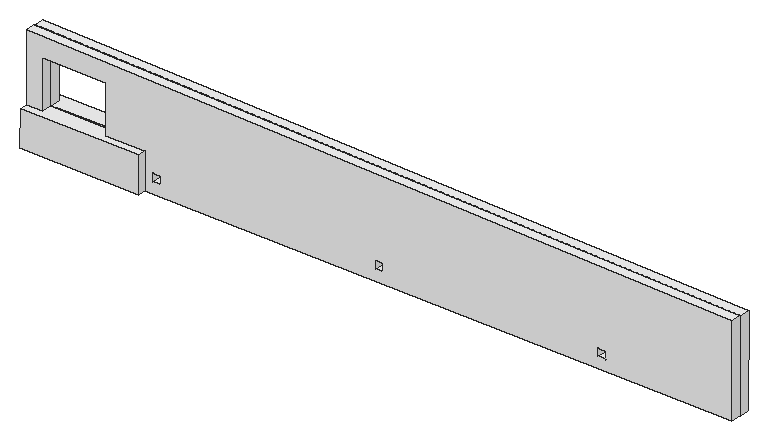
Revit family "Viga_Con_Mestra_Pilotis_Junta", category Structural Framing, Revit 2020
Family settings
  Display in Hidden Views = Edges Hidden by Other Members
  Structural Framing Length Roundoff = 0.000 m
  Section Shape = Not Defined
  Material for Model Behavior = Concrete
  Always export as geometry = No
  OmniClass Number = 23.25.30.11.14.14
  OmniClass Title = Beams
  Always vertical = Yes
  Cut with Voids When Loaded = No
  Symbolic Representation = From Family
  Shared = No
  Show family pre-cut in plan views = Yes
Parameters (values of type "VIG_012x130_CON_PLT_MST_JDI")
  Structural Material [instance] = CT_Concreto
  Material_Vigas = CT_Concreto
  H2 [instance] = 1.140 m
  Comprimento_Modulo [instance] = 7.480 m
  Assembly Code = ""
  Length [instance] = 8.950 m
  b = 0.260 m
  h = 1.300 m
Reference planes (m)
  plane 1 "Center (Front/Back)": y = 0.04
  plane 2: z = 0
  plane 3 "Center (Left/Right)": x = 4.78261
  plane 4: y = 0.17
  plane 5: y = -0.09
  plane 6: z = 1.3
  plane 7 "Left": x = 0.30761
  plane 8 "Right": x = 9.25761
  plane 9: z = 1.14
Forms (m)
  Extrusion 1, solid, material "CT_Concreto" <- "Material_Vigas"
    sketch origin (0, 0.04, 0) x (1, 0, 0) y (0, 0, 1)
      loop
        line (0.30761, 0) -> (9.25761, 0) -> (9.25761, 1.135927) -> (0.30761, 1.3) -> (0.30761, 0)
      loop
        line (1.90761, 0.235833) -> (1.90761, 0.135833) -> (2.00761, 0.135833) -> (2.00761, 0.235833) -> (1.90761, 0.235833)
      loop
        line (4.73261, 0.235833) -> (4.73261, 0.135833) -> (4.83261, 0.135833) -> (4.83261, 0.235833) -> (4.73261, 0.235833)
      loop
        line (7.55761, 0.235833) -> (7.55761, 0.135833) -> (7.65761, 0.135833) -> (7.65761, 0.235833) -> (7.55761, 0.235833)
      loop
        line (0.50761, 1.05) -> (0.50761, 0.45) -> (1.30761, 0.45) -> (1.30761, 1.05) -> (0.50761, 1.05)
    from 0.009831 to 0.13
  Extrusion 2, solid, material "CT_Concreto" <- "Material_Vigas"
    sketch origin (2.22761, 1.192, 0) x (-1, 0, 0) y (0, 0, -1)
      loop
        line (1.92, -0.45) -> (1.92, 0) -> (0.42, 0) -> (0.42, -0.45) -> (1.92, -0.45)
    from 1.161831 to 1.382
  Extrusion 3, solid, material "CT_Concreto" <- "Material_Vigas"
    sketch origin (2.22761, -1.112, 0) x (-1, 0, 0) y (0, 0, 1)
      loop
        line (1.92, 0.45) -> (0.42, 0.45) -> (0.42, 0) -> (1.92, 0) -> (1.92, 0.45)
    from 1.161831 to 1.382
  Extrusion 4, solid, material "CT_Concreto" <- "Material_Vigas"
    sketch origin (0, 0.04, 0) x (1, 0, 0) y (0, 0, -1)
      loop
        line (0.30761, 0) -> (0.30761, -1.3) -> (9.25761, -1.135927) -> (9.25761, 0) -> (0.30761, 0)
      loop
        line (1.90761, -0.235833) -> (2.00761, -0.235833) -> (2.00761, -0.135833) -> (1.90761, -0.135833) -> (1.90761, -0.235833)
      loop
        line (4.73261, -0.235833) -> (4.83261, -0.235833) -> (4.83261, -0.135833) -> (4.73261, -0.135833) -> (4.73261, -0.235833)
      loop
        line (7.55761, -0.235833) -> (7.65761, -0.235833) -> (7.65761, -0.135833) -> (7.55761, -0.135833) -> (7.55761, -0.235833)
      loop
        line (0.50761, -1.05) -> (1.30761, -1.05) -> (1.30761, -0.45) -> (0.50761, -0.45) -> (0.50761, -1.05)
    from 0.009831 to 0.13
Cuts and joins
  joined: Extrusion 1, Extrusion 2
  joined: Extrusion 3, Extrusion 4
Dimensions and locks (m)
  plane 4 to plane 5 = 0.260 m
  plane 2 to plane 6 = 1.300 m
  plane 4 to plane 1 "Center (Front/Back)" to plane 5 = 0.130 m, 0.130 m
  "Length": plane 7 "Left" to plane 8 "Right"
  equal spacing: plane 7 "Left", plane 3 "Center (Left/Right)", plane 8 "Right"
  "h": plane 6 to plane 2
  "H2": plane 9 to level
  "b": plane 4 to plane 5
  aligned and locked: Extrusion 1 to plane 5
  aligned and locked: Extrusion 1 to Extrusion 2
Automatic sketch dimensions
  Extrusion 1 sketch curve to plane 6 = 0.000 m
  plane 7 "Left" to Extrusion 1 sketch curve = 0.000 m
  plane 8 "Right" to Extrusion 1 sketch curve = 0.000 m
  Extrusion 1 sketch curve to level = 0.000 m
  plane 9 to Extrusion 1 sketch curve = 0.090 m
  Extrusion 1 sketch curve to plane 7 "Left" = 0.200 m
  Extrusion 1 sketch curve to Extrusion 1 sketch curve = 0.800 m
  level to Extrusion 1 sketch curve = 0.235833 m  (x2)
  Extrusion 1 sketch curve to Extrusion 1 sketch curve = 0.600 m
  Extrusion 1 sketch curve to Extrusion 1 sketch curve = 0.100 m  (x5)
  Extrusion 1 sketch curve to plane 3 "Center (Left/Right)" = 0.050 m
  plane 3 "Center (Left/Right)" to Extrusion 1 sketch curve = 0.050 m
  plane 8 "Right" to Extrusion 1 sketch curve = 1.700 m
  level to Extrusion 1 sketch curve = 0.135833 m
  level to Extrusion 1 sketch curve = 0.450 m
  plane 9 to Extrusion 1 sketch curve = 0.004073 m
  Extrusion 2 sketch curve to level = 0.000 m
  plane 7 "Left" to Extrusion 2 sketch curve = 0.000 m
  Extrusion 2 sketch curve to Extrusion 2 sketch curve = 1.500 m
  level to Extrusion 2 sketch curve = 0.450 m
  Extrusion 3 sketch curve to level = 0.000 m
  plane 7 "Left" to Extrusion 3 sketch curve = 0.000 m
  Extrusion 3 sketch curve to Extrusion 3 sketch curve = 1.500 m
  Extrusion 3 sketch curve to Extrusion 3 sketch curve = 0.450 m
  Extrusion 4 sketch curve to plane 6 = 0.000 m
  plane 7 "Left" to Extrusion 4 sketch curve = 0.000 m
  plane 8 "Right" to Extrusion 4 sketch curve = 0.000 m
  Extrusion 4 sketch curve to level = 0.000 m
  plane 9 to Extrusion 4 sketch curve = 0.090 m
  Extrusion 4 sketch curve to plane 7 "Left" = 0.200 m
  Extrusion 4 sketch curve to Extrusion 4 sketch curve = 0.800 m
  level to Extrusion 4 sketch curve = 0.235833 m  (x3)
  Extrusion 4 sketch curve to Extrusion 4 sketch curve = 0.600 m
  Extrusion 4 sketch curve to Extrusion 4 sketch curve = 0.100 m  (x5)
  Extrusion 4 sketch curve to plane 3 "Center (Left/Right)" = 0.050 m
  plane 3 "Center (Left/Right)" to Extrusion 4 sketch curve = 0.050 m
  plane 8 "Right" to Extrusion 4 sketch curve = 1.700 m
  plane 9 to Extrusion 4 sketch curve = 0.004073 m
  level to Extrusion 4 sketch curve = 0.450 m
